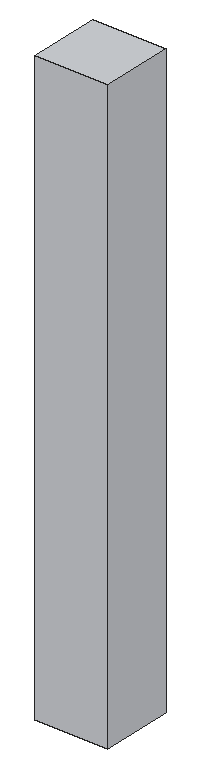
Revit family "Test_Colum", category Structural Columns, Revit 2023
Family settings
  Section Shape = I-shape Wide Flange
  Material for Model Behavior = Steel
  Always export as geometry = No
  Beam cutback in plan = From bounding box
  Code Name = BS 5950-1:2000
  Cut with Voids When Loaded = No
  Symbolic Representation = From Project Settings
  Shared = No
  Show family pre-cut in plan views = Yes
Parameters (values of type "UC305x305x97")
  Width = 305.3 mm
  Web Thickness = 9.9 mm
  Web Fillet = 15.2 mm
  Warping Constant = 1560000.0 cm⁶
  Type Comments = ""
  Torsional Moment of Inertia = 91.20 cm⁴
  Structural Material [instance] = Metal - Steel 43-275
  Section Name Key = "UC305x305x97"
  Section Area = 123.0 cm²
  Plastic Modulus weak axis = 726.0 cm³
  Plastic Modulus strong axis = 1592.0 cm³
  Nominal Weight = 96.8996 kgf/m
  Moment of Inertia weak axis = 7308.00 cm⁴
  Moment of Inertia strong axis = 22249.00 cm⁴
  Height = 307.9 mm
  Flange Thickness = 15.4 mm
  Elastic Modulus weak axis = 479.0 cm³
  Elastic Modulus strong axis = 1445.0 cm³
  Centroid Vertical = Height / 2  # 153.95 mm
  Centroid Horizontal = Width / 2  # 152.65 mm
  Bolt Spacing between Rows = 0.0 mm
  Bolt Spacing Two Rows = 0.0 mm
  Bolt Spacing = 140.0 mm
  Assembly Code = ""
Reference planes
  plane 1 "Center (Front/Back)": y = 0
  plane 2: z = 0
  plane 3 "Center (Left/Right)": x = 0
  plane 4: x = -152.65
  plane 5: x = 152.65
  plane 6: y = 153.95
  plane 7: y = -153.95
  plane 8: x = -4.95
  plane 9: x = 4.95
Forms (mm)
  Extrusion 1, solid
    sketch origin (0, 0, 0) x (1, 0, 0) y (0, 1, 0)
      loop
        line (-152.65, 153.95) -> (-152.65, -153.95) -> (152.65, -153.95) -> (152.65, 153.95) -> (-152.65, 153.95)
    from 0 to 2500
Lines and regions (mm)
  symbolic lines, style "StructuralColumnStickSymbols", detail levels coarse
    curve 1: line (-152.65, 153.95, 0) -> (152.65, 153.95, 0)
    curve 2: line (-152.65, -153.95, 0) -> (152.65, -153.95, 0)
    curve 3: line (0, 153.95, 0) -> (0, -153.95, 0)
  symbolic lines, style "Hidden Faces", detail levels medium+fine
    curve 4: line (-4.95, 0, 0) -> (-4.95, 0, 2500)
    curve 5: line (4.95, 0, 2500) -> (4.95, 0, 0)
Dimensions and locks
  equal spacing: plane 4, plane 3 "Center (Left/Right)", plane 5
  equal spacing: plane 7, plane 1 "Center (Front/Back)", plane 6
  "Height": plane 7 to plane 6
  "Width": plane 4 to plane 5
  equal spacing: plane 8, plane 3 "Center (Left/Right)", plane 9
  "Web Thickness": plane 8 to plane 9
  aligned and locked: level to plane 2
  aligned and locked: curve 4 to plane 8
  aligned and locked: level to curve 4
  aligned and locked: plane 9 to curve 5
  aligned and locked: plane 2 to curve 5
  aligned and locked: plane 2 to curve 4
  aligned and locked: plane 6 to curve 1
  aligned and locked: plane 7 to curve 2
  aligned and locked: curve 3 to plane 3 "Center (Left/Right)"
  aligned and locked: plane 5 to curve 1
  aligned and locked: plane 4 to curve 1
  aligned and locked: plane 4 to curve 2
  aligned and locked: plane 5 to curve 2
  aligned and locked: plane 6 to curve 3
  aligned and locked: plane 7 to curve 3
  aligned and locked: level to curve 5
Automatic sketch dimensions
  Extrusion 1 sketch curve to plane 4 = 0 mm
  Extrusion 1 sketch curve to plane 5 = 0 mm
  plane 7 to Extrusion 1 sketch curve = 0 mm
  plane 6 to Extrusion 1 sketch curve = 0 mm
